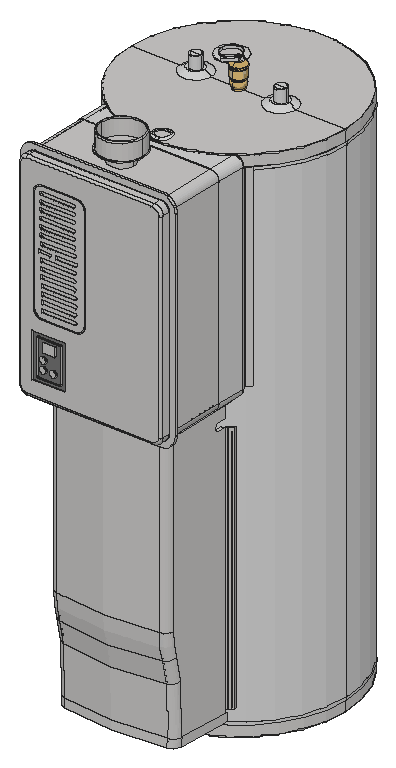
Revit family "Water_Heater-Rinnai-Hybrid_Tank-Tankless-RH180", category Mechanical Equipment, Revit 2012
Parameters (values of type "Standard")
  ecoScorecard_data = "http://products.ecoscorecard.com/rinnai/REU-VA1320WF-US"
  ecoScorecard Product Page = "http://products.ecoscorecard.com/rinnai/REU-VA1320WF-US?action=html"
  Width = 20"
  Wattage = 64 W
  Warranty URL = "http://www.rinnai.us/documentation/downloads/RH180_SP.pdf"
  Warranty = ""
  Voltage = 120 V
  Venting = "4\" UL listing type B-vent"
  Vent Connector = "Vent Connection"  # constant formula
  Unit Top = Metal - Rinnai - Stainless Steel
  Unit = Metal - Rinnai - Aluminum Frame - Painted White
  URL = "http://www.rinnai.us/tankless-water-heater"
  Thermal Efficiency Rating = 0.96
  Subcategory = "Tankless Water Heaters"  # constant formula
  Storage Tank Volume Note = "100-300 gal"
  Storage Tank Volume = 100 GPM
  Spec Sheet URL = "http://www.rinnai.us/documentation/downloads/RH180_SP.pdf"
  Recovery for 100 Deg Rise = "528-668 gal/h"
  Product Page URL = "http://www.rinnai.us/hybrid-tank-tankless-water-heater/product/rh180"
  Owners Manual URL = ""
  Model = "REU-VA1320WF-US"
  Max Amperage = 8 A
  Manufacturer Phone - Toll Free = "800-621-9419"  # constant formula
  Manufacturer Phone = "800-621-9419"  # constant formula
  Manufacturer Fax = "678-829-1666"  # constant formula
  Manufacturer Email = "mailto:engineering@rinnai.us"
  Manufacturer Address = "103 International Drive, Peachtree City, GA 30269"  # constant formula
  Manufacturer = "Rinnai America Corporation"  # constant formula
  Installation URL = "https://www.rinnai.us/documentation/downloads/100000364.pdf"
  Installation Location = "Indoor and outdoor"  # constant formula
  Hot Water Outlet Radius = 3/4"
  Hot Water Connector = "Hot Water Connection"  # constant formula
  Height = 51.2"
  Gas Input Rate = 91.3 Btu/h
  Gas Input Range = "59,500-91,300 BTU/h (NG); 47,600-87,300 BTU/h (Propane)"
  Frequency = 60 Hz
  Exhaust Vent Length Note = "100 ft"  # constant formula
  Electrical Consumption Range = "Normal: 64 w, Standby: 2 w"  # constant formula
  Dry Weight = 414.00 lbf
  Description = "Hybrid Tank-Tankless Water Heater"  # constant formula
  Depth = 27 1/2"
  Condensate Drain Outlet = "Condensate Drain Outlet Connection"  # constant formula
  Combustion Air = "Indoor"  # constant formula
  Cold Water Outlet Radius = 3/4"
  Cold Water Connector = "Cold Water Connection"  # constant formula
  Assembly Code = "D3010500"
  Applicable Altitude Range = "0 - 5400 ft (0 - 1646 m)"
  95 CSI = "15480"  # constant formula
  04 CSI = "22 34 13"  # constant formula
Reference planes
  plane 1 "Center (Front/Back)": y = 0
  plane 2: z = 0
  plane 3 "Center (Left/Right)": x = 0
  plane 4: z = 1300.48
  plane 5: x = -254
  plane 6: x = 254
  plane 7: y = 349.25
  plane 8: y = -349.25
  plane 9: y = 95.512
Dimensions and locks
  "Height": plane 4 to plane 2
  equal spacing: plane 5, plane 3 "Center (Left/Right)", plane 6
  equal spacing: plane 7, plane 1 "Center (Front/Back)", plane 8
  "Depth": plane 7 to plane 8
  "Width": plane 5 to plane 6
  radius of nested 1 = 1.95831"
  aligned and locked: plane 2 to level
  aligned and locked: plane 3 "Center (Left/Right)" to nested 1
  aligned and locked: plane 1 "Center (Front/Back)" to nested 1
Nested families
  nested 1: "RH180" at (0, 0, 0), type "RH180"
Connectors
  piping at (-100.467, 95.25, 1272.726), driven by "Storage Tank Volume", driven by "Hot Water Outlet Radius", driven by "Hot Water Connector"
    settings: on nested 1, index 1, connector radius 3/4", flow factor 0, pipe flow 100 GPM, pressure drop 0.00 psi, fitting loss kfactor 0, connector angle 0.00°, fixture units 0, engagement length 0", flow configuration 0, flow direction 1, fitting loss method 0, system type 19, joint type 0, gender type 0, connector reference index -1, connector utility 0, adjustable connector no, is connector primary yes, fitting loss table "", connector description "Hot Water Connection"
  piping at (100.467, 95.25, 1272.726), driven by "Cold Water Outlet Radius"
    settings: on nested 1, index 2, connector radius 3/4", flow factor 0, pipe flow 0 GPM, pressure drop 0.00 psi, fitting loss kfactor 0, connector angle 0.00°, fixture units 0, engagement length 0", flow configuration 0, flow direction 1, fitting loss method 0, system type 20, joint type 0, gender type 0, connector reference index -1, connector utility 0, adjustable connector no, is connector primary no, fitting loss table "", connector description ""
  piping at (1.233, -251.699, 1299.521), driven by "Vent Connector"
    settings: on nested 1, index 3, connector radius 1 245/256", flow factor 0, pipe flow 0 GPM, pressure drop 0.00 psi, fitting loss kfactor 0, connector angle 0.00°, fixture units 0, engagement length 0", flow configuration 0, flow direction 2, fitting loss method 0, system type 17, joint type 0, gender type 0, connector reference index -1, connector utility 0, adjustable connector no, is connector primary no, fitting loss table "", connector description "Vent Connection"
  piping at (-217.865, -85.507, 42.942), driven by "Condensate Drain Outlet"
    settings: on nested 1, index 4, connector radius 1/2", flow factor 0, pipe flow 0 GPM, pressure drop 0.00 psi, fitting loss kfactor 0, connector angle 0.00°, fixture units 0, engagement length 0", flow configuration 0, flow direction 0, fitting loss method 0, system type 16, joint type 0, gender type 0, connector reference index -1, connector utility 0, adjustable connector no, is connector primary no, fitting loss table "", connector description "Condensate Drain Outlet Connection"
Definition of nested family "RH180"
  Parameters (values of type "Standard")
    Width = 20"
    Unit Top = Metal - Rinnai - Stainless Steel
    Unit = Metal - Rinnai - Aluminum Frame - Painted White
    Height = 51.2"
    Depth = 27 1/2"
  Reference planes
    plane 1 "Center (Front/Back)": y = 0
    plane 2: z = 0
    plane 3 "Center (Left/Right)": x = 0
    plane 4: z = 1300.48
    plane 5: x = -254
    plane 6: x = 254
    plane 7: y = 349.25
    plane 8: y = -349.25
    plane 9: z = 27.976
    plane 10: y = 95.512
  Forms (mm)
    Sweep 1, solid, material "Metal - Rinnai - Aluminum Frame - Painted White" <- "Unit", detail levels medium+fine
      path origin (0, 0, 0) x (1, 0, 0) y (0, 1, 0)
        loop
          circle (1.329, 95.614) r 255.329
      profile origin (1.329, 350.943, 0) x (0, -1, 0) y (0, 0, 1)
        loop
          line (1.495, 1202.242) -> (1.495, 34.327)
          arc (1.495, 34.327) -> (1.593, 30.601) -> (1.885, 26.885) r 71.199
          line (1.885, 26.885) -> (7.009, 26.885) -> (7.009, 1208.088) -> (1.693, 1208.088)
          arc (1.693, 1208.088) -> (1.577, 1205.166) -> (1.495, 1202.242) r 243.982
    Revolve 2, solid, material "Metal - Rinnai - Stainless Steel" <- "Unit Top", detail levels medium+fine
      sketch origin (0, 95.448, 0) x (1, 0, 0) y (0, 0, 1)
        loop
          line (-253.476, 1233.801) -> (-253.476, 1209.173) -> (-251.185, 1209.173) -> (-251.185, 1208.088) -> (0, 1208.088) -> (0, 1234.573) -> (-252.704, 1234.573)
          arc (-252.704, 1234.573) -> (-253.25, 1234.347) -> (-253.476, 1233.801) r 0.772
        axis (0, 1234.573) -> (0, 1208.088)
      angle from 0 to 360
    Revolve 3, solid, material "Metal - Rinnai - Stainless Steel" <- "Unit Top", detail levels medium+fine
      sketch origin (0, 95.448, 1236.259) x (1, 0, 0) y (0, 0, 1)
        loop
          arc (-253.476, -1233.801) -> (-253.25, -1234.347) -> (-252.704, -1234.573) r 0.772
          line (-252.704, -1234.573) -> (0, -1234.573) -> (0, -1208.088) -> (-251.185, -1208.088) -> (-251.185, -1209.173) -> (-253.476, -1209.173) -> (-253.476, -1233.801)
        axis (0, -1234.573) -> (0, -1208.088)
      angle from 0 to 360
    Sweep 4, solid, material "Metal - Rinnai - Stainless Steel" <- "Unit Top", detail levels fine
      path origin (0, 0, 0) x (1, 0, 0) y (0, 1, 0)
        loop
          circle (1.233, -251.699) r 54.057
      profile origin (1.233, -197.643, 0) x (0, -1, 0) y (0, 0, 1)
        loop
          line (25.057, 1232.021) -> (25.95, 1232.021) -> (25.95, 1258.925) -> (5.208, 1258.925) -> (5.208, 1296.372) -> (6.293, 1299.521) -> (5.349, 1299.521) -> (4.316, 1296.521) -> (4.316, 1259.503) -> (1.206, 1259.503) -> (1.206, 1258.032) -> (25.057, 1258.032) -> (25.057, 1232.021)
    Revolve 5, solid, material "Metal - Rinnai - Aluminum Frame - Painted White" <- "Unit", detail levels fine
      sketch origin (0, 95.25, 0) x (1, 0, 0) y (0, 0, 1)
        loop
          line (-112.817, 1272.726) -> (-113.611, 1271.932) -> (-113.611, 1243.465) -> (-120.311, 1243.465) -> (-136.423, 1235.527) -> (-100.467, 1235.527) -> (-100.467, 1272.726) -> (-112.817, 1272.726)
        axis (-100.467, 1272.726) -> (-100.467, 1235.527)
      angle from 0 to 360
    Revolve 6, solid, material "Metal - Rinnai - Aluminum Frame - Painted White" <- "Unit", detail levels fine
      sketch origin (0, 95.25, 0) x (-1, 0, 0) y (0, 0, -1)
        loop
          line (-112.817, -1272.726) -> (-100.467, -1272.726) -> (-100.467, -1235.527) -> (-136.423, -1235.527) -> (-120.311, -1243.465) -> (-113.611, -1243.465) -> (-113.611, -1271.932) -> (-112.817, -1272.726)
        axis (-100.467, -1272.726) -> (-100.467, -1235.527)
      angle from 0 to 360
    Revolve 7, solid, material "Metal - Rinnai - Aluminum Frame - Painted White" <- "Unit", detail levels fine
      sketch origin (-0.018, 185.912, -0.005) x (1, 0, 0) y (0, 0, 1)
        loop
          line (-112.8, 1239.653) -> (-123.467, 1235.919) -> (-123.467, 1234.573) -> (-111.702, 1234.573) -> (-111.702, 1239.653) -> (-112.8, 1239.653)
        axis (-88.67, 1234.573) -> (-88.67, 1239.653)
      angle from 0 to 360
    Revolve 8, solid, material "Metal - Rinnai - Brass", detail levels fine
      sketch origin (0, 0, 0) x (0, 1, 0) y (0, 0, 1)
        loop
          line (103.179, 1292.791) -> (98.451, 1292.791)
          arc (98.451, 1292.791) -> (100.356, 1296.85) -> (98.451, 1300.909) r 5.277
          arc (98.451, 1300.909) -> (97.167, 1302.357) -> (96.377, 1304.125) r 6.378
          line (96.377, 1304.125) -> (95.432, 1304.125) -> (95.432, 1234.634) -> (108.682, 1234.634) -> (108.682, 1238.309)
          arc (108.682, 1238.309) -> (111.784, 1245.566) -> (108.535, 1252.758) r 9.806
          line (108.535, 1252.758) -> (108.535, 1253.872) -> (110.6, 1255.447) -> (112.174, 1257.022) -> (111.109, 1259.949) -> (112.719, 1260.535) -> (113.041, 1278.982)
          arc (113.041, 1278.982) -> (113.394, 1279.911) -> (114.022, 1280.682) r 3.123
          line (114.022, 1280.682) -> (114.022, 1283.06) -> (113.135, 1284.597) -> (106.284, 1284.597) -> (105.853, 1285.78) -> (112.974, 1285.78)
          arc (112.974, 1285.78) -> (107.393, 1289.518) -> (101.153, 1292.003) r 31.89
          line (101.153, 1292.003) -> (103.179, 1292.003) -> (103.179, 1292.791)
        axis (95.432, 1304.125) -> (95.432, 1234.634)
      angle from 0 to 360
    Sweep 9, solid, material "Metal - Rinnai - Aluminum Frame - Painted White" <- "Unit", detail levels fine
      path origin (-829.704, -871.331, 0) x (0.706678, 0.707536, 0) y (-0.707536, 0.706678, 0)
        loop
          line (1278.018, 92.368) -> (1278.018, 91.572)
      profile origin (8.371, 97.906, 0) x (0.706678, 0.707536, 0) y (0, 0, 1)
        loop
          arc (-40.212, 1296.173) -> (-39.289, 1293.944) -> (-37.06, 1293.02) r 3.153
          line (-37.06, 1293.02) -> (0.002, 1293.02)
          arc (0.002, 1293.02) -> (2.622, 1296.818) -> (0.546, 1300.939) r 4.523
          line (0.546, 1300.939) -> (-13.906, 1300.939)
          arc (-13.906, 1300.939) -> (-14.465, 1301.032) -> (-14.814, 1301.479) r 0.782
          line (-14.814, 1301.479) -> (-40.212, 1301.479) -> (-40.212, 1296.173)
    Sweep 10, solid, material "Metal - Rinnai - Aluminum Frame - Painted White" <- "Unit", detail levels fine
      path origin (-964.86, -736.338, 0) x (0.706678, 0.707536, 0) y (0.707536, -0.706678, 0)
        loop
          line (1278.018, 92.368) -> (1278.018, 91.572)
      profile origin (3.359, 102.912, 0) x (-0.706678, -0.707536, 0) y (0, 0, 1)
        loop
          line (40.212, 1296.173) -> (40.212, 1301.479) -> (14.814, 1301.479)
          arc (14.814, 1301.479) -> (14.465, 1301.032) -> (13.906, 1300.939) r 0.782
          line (13.906, 1300.939) -> (-0.546, 1300.939)
          arc (-0.546, 1300.939) -> (-2.622, 1296.818) -> (-0.002, 1293.02) r 4.523
          line (-0.002, 1293.02) -> (37.06, 1293.02)
          arc (37.06, 1293.02) -> (39.289, 1293.944) -> (40.212, 1296.173) r 3.153
    Sweep 11, solid, material "Metal - Rinnai - Aluminum Frame - Painted White" <- "Unit", detail levels fine
      path origin (-829.704, -871.331, 0) x (0.706678, 0.707536, 0) y (-0.707536, 0.706678, 0)
        loop
          line (1263.196, 95.512) -> (1237.796, 95.512)
      profile origin (-13.585, 80.936, 0) x (0.707536, -0.706678, 0) y (0, 0, 1)
        loop
          line (3.144, 1302.164) -> (3.144, 1300.819) -> (3.94, 1300.819) -> (3.94, 1301.849)
          arc (3.94, 1301.849) -> (3.735, 1302.341) -> (3.243, 1302.545) r 0.697
          line (3.243, 1302.545) -> (-3.243, 1302.545)
          arc (-3.243, 1302.545) -> (-3.735, 1302.341) -> (-3.94, 1301.849) r 0.697
          line (-3.94, 1301.849) -> (-3.94, 1300.819) -> (-3.144, 1300.819) -> (-3.144, 1302.164) -> (3.144, 1302.164)
    Revolve 12, solid, material "Metal - Rinnai - Aluminum - Polished Sliver", detail levels fine
      sketch origin (0, 0, 1296.988) x (1, 0, 0) y (0, 1, 0)
        loop
          line (5.174, 91.471) -> (5.982, 92.279) -> (-2.1, 100.361) -> (-2.908, 99.553) -> (5.174, 91.471)
        axis (-2.908, 99.553) -> (5.174, 91.471)
      angle from 0 to 360
    Sweep 13, solid, material "Metal - Rinnai - Stainless Steel" <- "Unit Top", detail levels medium+fine
      path origin (0, 0, 0) x (0, 1, 0) y (0, 0, 1)
        loop
          line (-303.839, 715.236) -> (-303.839, 293.427)
          arc (-303.839, 293.427) -> (-301.323, 259.587) -> (-293.829, 226.491) r 228.81
          arc (-293.829, 226.491) -> (-287.46, 201.425) -> (-283.524, 175.863) r 269.256
          arc (-283.524, 175.863) -> (-279.71, 118.511) -> (-280.295, 61.036) r 750.67
      profile origin (0, -303.839, 504.332) x (1, 0, 0) y (0, 1, 0)
        loop
          arc (-118.566, 11.499) -> (2.281, -0.71) -> (123.079, 11.966) r 592.835
          arc (123.079, 11.966) -> (135.529, 19.547) -> (140.451, 33.268) r 21.87
          line (140.451, 33.268) -> (132.659, 33.268)
          arc (132.659, 33.268) -> (130.966, 23.912) -> (123.187, 18.447) r 12.513
          arc (123.187, 18.447) -> (3.087, 5.018) -> (-117.014, 18.447) r 543.751
          arc (-117.014, 18.447) -> (-127.494, 22.788) -> (-131.834, 33.268) r 14.821
          line (-131.834, 33.268) -> (-138.184, 33.268)
          arc (-138.184, 33.268) -> (-131.946, 19.165) -> (-118.566, 11.499) r 24.735
    Extrusion 14, solid, material "Metal - Rinnai - Stainless Steel" <- "Unit Top", detail levels medium+fine
      sketch origin (0, 0, 0) x (0, 1, 0) y (0, 0, 1)
        loop
          line (-121.369, 53.327) -> (-121.369, 658.721) -> (-140.471, 658.721)
          arc (-140.471, 658.721) -> (-149.996, 668.246) -> (-140.471, 677.771) r 9.525
          line (-140.471, 677.771) -> (-121.369, 677.771) -> (-121.369, 715.236) -> (-270.571, 715.236) -> (-270.571, 293.427)
          arc (-270.571, 293.427) -> (-268.421, 264.507) -> (-262.016, 236.223) r 195.542
          arc (-262.016, 236.223) -> (-254.86, 208.06) -> (-250.439, 179.34) r 302.524
          arc (-250.439, 179.34) -> (-246.455, 119.447) -> (-247.066, 59.424) r 783.938
          line (-247.066, 59.424) -> (-121.369, 53.327)
      from -138.184 to -131.834
    Extrusion 15, solid, material "Metal - Rinnai - Stainless Steel" <- "Unit Top", detail levels medium+fine
      sketch origin (2.266, 0, 0) x (0, 1, 0) y (0, 0, -1)
        loop
          arc (-247.066, -59.424) -> (-246.455, -119.447) -> (-250.439, -179.34) r 783.938
          arc (-250.439, -179.34) -> (-254.86, -208.06) -> (-262.016, -236.223) r 302.524
          arc (-262.016, -236.223) -> (-268.421, -264.507) -> (-270.571, -293.427) r 195.542
          line (-270.571, -293.427) -> (-270.571, -715.236) -> (-121.369, -715.236) -> (-121.369, -677.771) -> (-140.471, -677.771)
          arc (-140.471, -677.771) -> (-149.996, -668.246) -> (-140.471, -658.721) r 9.525
          line (-140.471, -658.721) -> (-121.369, -658.721) -> (-121.369, -53.327) -> (-247.066, -59.424)
      from -138.184 to -130.393
    Sweep 16, solid, material "Metal - Rinnai - Aluminum Frame - Painted White" <- "Unit", detail levels medium+fine
      path origin (0, 0, 0) x (1, 0, 0) y (0, 1, 0)
        loop
          line (-138.184, -121.369) -> (-138.184, -270.571)
          arc (-138.184, -270.571) -> (-131.946, -284.674) -> (-118.566, -292.34) r 24.735
          arc (-118.566, -292.34) -> (2.281, -304.549) -> (123.079, -291.872) r 592.835
          arc (123.079, -291.872) -> (135.529, -284.292) -> (140.451, -270.571) r 21.87
          line (140.451, -270.571) -> (140.451, -121.369)
      profile origin (-138.184, -195.97, 0) x (1, 0, 0) y (0, 0, 1)
        loop
          line (-15.302, 719.046) -> (-3.809, 719.046)
          arc (-3.809, 719.046) -> (-1.116, 717.93) -> (0, 715.237) r 3.809
          line (0, 715.237) -> (3.415, 715.237) -> (3.415, 718.271)
          arc (3.415, 718.271) -> (2.258, 721.064) -> (-0.535, 722.221) r 3.95
          line (-0.535, 722.221) -> (-15.302, 722.221) -> (-15.302, 719.046)
    Extrusion 17, solid, material "Metal - Rinnai - Stainless Steel" <- "Unit Top", detail levels medium+fine
      sketch origin (0, -280.295, 61.036) x (1, 0, 0) y (0, -0.998826, 0.048451)
        loop
          line (-138.194, -33.262) -> (-138.194, -165.787)
          spline (-138.194, -165.787) -> (-117.045, -153.284) -> (-94.784, -142.885) -> (-71.619, -134.688) -> (-47.769, -128.771) -> (-23.456, -125.189) -> (1.089, -123.976) -> (25.637, -125.142) -> (49.956, -128.678) -> (73.818, -134.551) -> (96.998, -142.703) -> (119.279, -153.06) -> (140.451, -165.524)
          line (140.451, -165.524) -> (140.451, -33.369)
          arc (140.451, -33.369) -> (135.561, -19.586) -> (123.079, -11.966) r 21.871
          arc (123.079, -11.966) -> (2.292, 0.599) -> (-118.517, -11.479) r 598.69
          arc (-118.517, -11.479) -> (-131.934, -19.138) -> (-138.194, -33.262) r 24.744
      from 0 to 20.115
    Extrusion 18, solid, material "Metal - Rinnai - Stainless Steel" <- "Unit Top", detail levels medium+fine
      sketch origin (4.564, 0, 0) x (1, 0, 0) y (0, 1, 0)
        loop
          arc (-142.581, -119.511) -> (-141.589, -120.279) -> (-140.969, -121.369) r 3.204
          line (-140.969, -121.369) -> (-136.476, -121.369) -> (-138.715, -117.715) -> (-140.14, -116.635)
          arc (-140.14, -116.635) -> (-146.875, -113.247) -> (-153.506, -109.659) r 253.476
          line (-153.506, -109.659) -> (-155.266, -113.195) -> (-142.581, -119.511)
      from 64.872 to 658.721
    Extrusion 19, solid, material "Metal - Rinnai - Stainless Steel" <- "Unit Top", detail levels medium+fine
      sketch origin (3.175, 0, 0) x (-1, 0, 0) y (0, -1, 0)
        loop
          line (-142.285, 118.726) -> (-154.033, 110.802) -> (-151.824, 107.529)
          arc (-151.824, 107.529) -> (-145.721, 111.954) -> (-139.488, 116.196) r 253.476
          line (-139.488, 116.196) -> (-138.217, 117.453) -> (-136.476, 121.369) -> (-140.611, 121.369) -> (-141.119, 120.149)
          arc (-141.119, 120.149) -> (-141.598, 119.353) -> (-142.285, 118.726) r 3.204
      from 64.872 to 658.721
    Extrusion 20, solid, material "Metal - Rinnai - Stainless Steel" <- "Unit Top", detail levels medium+fine
      sketch origin (-4.564, 0, 0) x (-1, 0, 0) y (0, -1, 0)
        loop
          line (-142.581, 119.511) -> (-155.266, 113.195) -> (-153.506, 109.659)
          arc (-153.506, 109.659) -> (-146.875, 113.247) -> (-140.14, 116.635) r 253.476
          line (-140.14, 116.635) -> (-138.715, 117.715) -> (-136.476, 121.369) -> (-140.969, 121.369)
          arc (-140.969, 121.369) -> (-141.589, 120.279) -> (-142.581, 119.511) r 3.204
      from 64.872 to 655.166
    Revolve 21, solid, material "Metal - Rinnai - Aluminum Frame - Painted White" <- "Unit", detail levels fine
      sketch origin (-662.347, 783.727, 61.119) x (0.76142, 0.648259, 0) y (-0.648259, 0.76142, 0)
        loop
          line (-191.95, -912.338) -> (-203.166, -929.61) -> (-203.166, -937.853) -> (-208.693, -937.853) -> (-208.693, -949.998) -> (-195.122, -949.998)
          arc (-195.122, -949.998) -> (-194.418, -931.094) -> (-191.95, -912.338) r 202.049
        axis (-208.693, -949.998) -> (-191.95, -949.998)
      angle from 0 to 360
    Revolve 22, solid, material "Metal - Rinnai - Brass", detail levels fine
      sketch origin (650.941, 654.178, 0) x (0.76142, 0.648259, 0) y (0, 0, 1)
        loop
          line (-1142.709, 87.254) -> (-1146.076, 83.886) -> (-1122.144, 59.954) -> (-1122.144, 74.547) -> (-1123.513, 75.916) -> (-1122.014, 77.416) -> (-1126.814, 82.216) -> (-1132.382, 79.62) -> (-1133.729, 78.273) -> (-1142.709, 87.254)
        axis (-1146.076, 83.886) -> (-1122.144, 59.954)
      angle from 0 to 360
    Revolve 23, solid, material "Metal - Rinnai - Brass", detail levels fine
      sketch origin (650.941, 654.178, 0) x (0.76142, 0.648259, 0) y (0, 0, 1)
        loop
          line (-1151.092, 51.686) -> (-1141.033, 42.942) -> (-1118.526, 68.834) -> (-1127.838, 68.834) -> (-1140.217, 54.594)
          arc (-1140.217, 54.594) -> (-1141.961, 54.131) -> (-1143.706, 54.594) r 3.514
          line (-1143.706, 54.594) -> (-1145.945, 56.833) -> (-1151.092, 51.686)
        axis (-1141.033, 42.942) -> (-1118.526, 68.834)
      angle from 0 to 360
    Revolve 24, solid, material "Metal - Rinnai - Aluminum Frame - Painted White" <- "Unit", detail levels fine
      sketch origin (0, 0, 0) x (0, 1, 0) y (0, 0, 1)
        loop
          line (-147.155, 1236.977) -> (-151.676, 1234.573) -> (-145.877, 1234.573) -> (-145.877, 1235.699)
          arc (-145.877, 1235.699) -> (-146.251, 1236.603) -> (-147.155, 1236.977) r 1.278
        axis (-129.913, 1234.573) -> (-129.913, 1236.977)
      angle from 0 to 360
    Revolve 25, solid, material "Metal - Rinnai - Stainless Steel" <- "Unit Top", detail levels fine
      sketch origin (0, 44.45, 0) x (1, 0, 0) y (0, 0, 1)
        loop
          line (-207.361, 0) -> (-188.932, 0) -> (-188.932, 1.833) -> (-210.184, 1.833) -> (-207.361, 0)
        axis (-188.932, 1.833) -> (-188.932, 0)
      angle from 0 to 360
    Revolve 26, solid, material "Metal - Rinnai - Stainless Steel" <- "Unit Top", detail levels fine
      sketch origin (188.932, -4.607, 0) x (1, 0, 0) y (0, 0, 1)
        loop
          line (-207.361, 0) -> (-188.932, 0) -> (-188.932, 1.833) -> (-210.184, 1.833) -> (-207.361, 0)
        axis (-188.932, 1.833) -> (-188.932, 0)
      angle from 0 to 360
    Revolve 27, solid, material "Metal - Rinnai - Stainless Steel" <- "Unit Top", detail levels fine
      sketch origin (188.932, 195.77, 0) x (1, 0, 0) y (0, 0, 1)
        loop
          line (-207.361, 0) -> (-188.932, 0) -> (-188.932, 1.833) -> (-210.184, 1.833) -> (-207.361, 0)
        axis (-188.932, 1.833) -> (-188.932, 0)
      angle from 0 to 360
    Revolve 28, solid, material "Metal - Rinnai - Stainless Steel" <- "Unit Top", detail levels fine
      sketch origin (329.555, -43.724, 0) x (1, 0, 0) y (0, 0, 1)
        loop
          line (-207.361, 0) -> (-188.932, 0) -> (-188.932, 1.833) -> (-210.184, 1.833) -> (-207.361, 0)
        axis (-188.932, 1.833) -> (-188.932, 0)
      angle from 0 to 360
    Extrusion 29, solid, material "Metal - Rinnai - Stainless Steel" <- "Unit Top", detail levels fine
      sketch origin (-188.932, 44.45, 0) x (0, 1, 0) y (1, 0, 0)
        loop
          circle (50.841, 87.967) r 19.874
        loop
          circle (50.841, 189.567) r 19.874
        loop
          circle (50.841, 291.749) r 19.874
      from -1.686 to -1.492
    Sweep 30, solid, material "Metal - Rinnai - Stainless Steel" <- "Unit Top", detail levels medium+fine
      path origin (0, 0, 0) x (1, 0, 0) y (0, 0, 1)
        loop
          arc (-147.821, 1233.621) -> (-162.834, 1227.402) -> (-169.053, 1212.388) r 21.233
          line (-169.053, 1212.388) -> (-169.053, 742.854)
          arc (-169.053, 742.854) -> (-162.834, 727.84) -> (-147.821, 721.621) r 21.233
          line (-147.821, 721.621) -> (149.505, 721.621)
          arc (149.505, 721.621) -> (164.519, 727.84) -> (170.738, 742.854) r 21.233
          line (170.738, 742.854) -> (170.738, 1212.391)
          arc (170.738, 1212.391) -> (164.52, 1227.403) -> (149.508, 1233.621) r 21.23
          line (149.508, 1233.621) -> (-147.821, 1233.621)
      profile origin (0.844, 0, 1233.621) x (0, 0, 1) y (0, -1, 0)
        loop
          line (-5.4, 174.047) -> (-1.6, 174.047) -> (-1.6, 315.647) -> (1.787, 315.647) -> (13, 315.647) -> (13, 320.647) -> (-1.503, 320.647)
          arc (-1.503, 320.647) -> (-2.266, 321.543) -> (-2.674, 322.647) r 3.36
          line (-2.674, 322.647) -> (-5.4, 322.647) -> (-5.4, 174.047)
    Sweep 31, solid, material "Metal - Rinnai - Stainless Steel" <- "Unit Top", detail levels medium+fine
      path origin (0, 0, 0) x (1, 0, 0) y (0, 0, 1)
        loop
          arc (-147.821, 1233.621) -> (-162.834, 1227.402) -> (-169.053, 1212.388) r 21.233
          line (-169.053, 1212.388) -> (-169.053, 742.854)
          arc (-169.053, 742.854) -> (-162.834, 727.84) -> (-147.821, 721.621) r 21.233
          line (-147.821, 721.621) -> (149.505, 721.621)
          arc (149.505, 721.621) -> (164.519, 727.84) -> (170.738, 742.854) r 21.233
          line (170.738, 742.854) -> (170.738, 1212.391)
          arc (170.738, 1212.391) -> (164.52, 1227.403) -> (149.508, 1233.621) r 21.23
          line (149.508, 1233.621) -> (-147.821, 1233.621)
      profile origin (0.844, 0, 1233.621) x (0, 0, 1) y (0, -1, 0)
        loop
          line (-2.032, 322.647) -> (-2.032, 339.452)
          arc (-2.032, 339.452) -> (-3.486, 342.961) -> (-6.994, 344.414) r 4.962
          line (-6.994, 344.414) -> (-8.869, 344.414) -> (-8.869, 322.647) -> (-2.032, 322.647)
    Extrusion 32, solid, material "Metal - Rinnai - Stainless Steel" <- "Unit Top", detail levels medium+fine
      sketch origin (0, 0, 0) x (1, 0, 0) y (0, 0, 1)
        loop
          arc (-147.821, 1224.752) -> (-156.563, 1221.131) -> (-160.184, 1212.388) r 12.364
          line (-160.184, 1212.388) -> (-160.184, 742.854)
          arc (-160.184, 742.854) -> (-156.563, 734.111) -> (-147.821, 730.49) r 12.364
          line (-147.821, 730.49) -> (149.505, 730.49)
          arc (149.505, 730.49) -> (158.248, 734.111) -> (161.869, 742.854) r 12.364
          line (161.869, 742.854) -> (161.869, 1212.391)
          arc (161.869, 1212.391) -> (158.249, 1221.132) -> (149.508, 1224.752) r 12.361
          line (149.508, 1224.752) -> (-147.821, 1224.752)
      from 174.047 to 344.414
    Extrusion 33, solid, material "Metal - Rinnai - Stainless Steel" <- "Unit Top", detail levels fine
      sketch origin (0, 0, 0) x (1, 0, 0) y (0, 0, 1)
        loop
          arc (-122.528, 857.221) -> (-124.606, 856.36) -> (-125.467, 854.282) r 2.939
          line (-125.467, 854.282) -> (-125.467, 773.395)
          arc (-125.467, 773.395) -> (-124.479, 771.009) -> (-122.093, 770.021) r 3.373
          line (-122.093, 770.021) -> (-71.64, 770.021)
          arc (-71.64, 770.021) -> (-69.255, 771.009) -> (-68.267, 773.395) r 3.373
          line (-68.267, 773.395) -> (-68.267, 853.843)
          arc (-68.267, 853.843) -> (-69.256, 856.232) -> (-71.645, 857.221) r 3.379
          line (-71.645, 857.221) -> (-122.528, 857.221)
        loop
          arc (-108.709, 848.112) -> (-109.632, 847.73) -> (-110.015, 846.806) r 1.306
          line (-110.015, 846.806) -> (-110.015, 827.754)
          arc (-110.015, 827.754) -> (-109.654, 826.883) -> (-108.783, 826.522) r 1.232
          line (-108.783, 826.522) -> (-83.265, 826.522)
          arc (-83.265, 826.522) -> (-82.424, 826.871) -> (-82.075, 827.713) r 1.191
          line (-82.075, 827.713) -> (-82.075, 846.794)
          arc (-82.075, 846.794) -> (-82.461, 847.726) -> (-83.393, 848.112) r 1.318
          line (-83.393, 848.112) -> (-108.709, 848.112)
        loop
          circle (-110.667, 810.381) r 7.112
        loop
          circle (-110.667, 789.267) r 7.112
        loop
          circle (-86.887, 789.267) r 7.112
        loop
          line (-124.574, 854.282) -> (-124.574, 773.395)
          arc (-124.574, 773.395) -> (-123.847, 771.641) -> (-122.093, 770.914) r 2.48
          line (-122.093, 770.914) -> (-71.64, 770.914)
          arc (-71.64, 770.914) -> (-69.886, 771.641) -> (-69.16, 773.395) r 2.48
          line (-69.16, 773.395) -> (-69.16, 853.843)
          arc (-69.16, 853.843) -> (-69.888, 855.6) -> (-71.645, 856.328) r 2.486
          line (-71.645, 856.328) -> (-122.528, 856.328)
          arc (-122.528, 856.328) -> (-123.975, 855.729) -> (-124.574, 854.282) r 2.046
      from 341.353 to 344.274
    Extrusion 34, void
      sketch origin (0, 0, 0) x (1, 0, 0) y (0, 0, 1)
        loop
          line (-56.697, 866.208) -> (-136.409, 866.208) -> (-136.409, 760.982) -> (-56.697, 760.982) -> (-56.697, 866.208)
      from 338.813 to 346.352
    Extrusion 35, solid, material "Metal - Rinnai - Stainless Steel" <- "Unit Top", detail levels medium+fine
      sketch origin (0, 0, 0) x (1, 0, 0) y (0, 0, 1)
        loop
          line (-136.409, 866.208) -> (-136.409, 760.982) -> (-56.697, 760.982) -> (-56.697, 866.208) -> (-136.409, 866.208)
      from 341.353 to 338.813
    Sweep 36, solid, material "Metal - Rinnai - Stainless Steel" <- "Unit Top", detail levels medium+fine
      path origin (0, 2.956, 0) x (1, 0, 0) y (0, 0, 1)
        loop
          line (-32.099, 1181.221) -> (-111.611, 1181.221)
          arc (-111.611, 1181.221) -> (-126.712, 1174.966) -> (-132.967, 1159.866) r 21.356
          line (-132.967, 1159.866) -> (-132.967, 917.353)
          arc (-132.967, 917.353) -> (-126.719, 902.269) -> (-111.635, 896.021) r 21.332
          line (-111.635, 896.021) -> (-32.099, 896.021)
          arc (-32.099, 896.021) -> (-17.015, 902.269) -> (-10.767, 917.353) r 21.332
          line (-10.767, 917.353) -> (-10.767, 1159.889)
          arc (-10.767, 1159.889) -> (-17.015, 1174.973) -> (-32.099, 1181.221) r 21.332
      profile origin (-71.855, 2.956, 1181.221) x (0, 0, -1) y (0, -1, 0)
        loop
          line (0, 344.416) -> (1.419, 344.416) -> (1.419, 347.372) -> (0.579, 347.372)
          arc (0.579, 347.372) -> (0.17, 347.202) -> (0, 346.793) r 0.579
          line (0, 346.793) -> (0, 344.416)
    Extrusion 37, solid, material "Metal - Rinnai - Stainless Steel" <- "Unit Top", detail levels medium+fine
      sketch origin (0, 2.956, 0) x (1, 0, 0) y (0, 0, 1)
        loop
          arc (-111.611, 1179.802) -> (-125.708, 1173.963) -> (-131.547, 1159.866) r 19.936
          line (-131.547, 1159.866) -> (-131.547, 917.353)
          arc (-131.547, 917.353) -> (-125.715, 903.273) -> (-111.635, 897.441) r 19.913
          line (-111.635, 897.441) -> (-32.099, 897.441)
          arc (-32.099, 897.441) -> (-18.019, 903.273) -> (-12.186, 917.353) r 19.913
          line (-12.186, 917.353) -> (-12.186, 1159.889)
          arc (-12.186, 1159.889) -> (-18.019, 1173.969) -> (-32.099, 1179.802) r 19.913
          line (-32.099, 1179.802) -> (-111.611, 1179.802)
        loop
          line (-34.098, 921.501) -> (-108.774, 921.501)
          arc (-108.774, 921.501) -> (-114.108, 916.167) -> (-108.774, 910.833) r 5.334
          line (-108.774, 910.833) -> (-34.098, 910.833)
          arc (-34.098, 910.833) -> (-28.764, 916.167) -> (-34.098, 921.501) r 5.334
        loop
          line (-34.098, 939.018) -> (-108.774, 939.018)
          arc (-108.774, 939.018) -> (-114.108, 933.684) -> (-108.774, 928.35) r 5.334
          line (-108.774, 928.35) -> (-34.098, 928.35)
          arc (-34.098, 928.35) -> (-28.764, 933.684) -> (-34.098, 939.018) r 5.334
        loop
          line (-34.098, 956.722) -> (-108.774, 956.722)
          arc (-108.774, 956.722) -> (-114.108, 951.388) -> (-108.774, 946.054) r 5.334
          line (-108.774, 946.054) -> (-34.098, 946.054)
          arc (-34.098, 946.054) -> (-28.764, 951.388) -> (-34.098, 956.722) r 5.334
        loop
          line (-34.098, 974.425) -> (-108.774, 974.425)
          arc (-108.774, 974.425) -> (-114.108, 969.091) -> (-108.774, 963.757) r 5.334
          line (-108.774, 963.757) -> (-34.098, 963.757)
          arc (-34.098, 963.757) -> (-28.764, 969.091) -> (-34.098, 974.425) r 5.334
        loop
          line (-35.647, 992.129) -> (-110.323, 992.129)
          arc (-110.323, 992.129) -> (-115.657, 986.795) -> (-110.323, 981.461) r 5.334
          line (-110.323, 981.461) -> (-35.647, 981.461)
          arc (-35.647, 981.461) -> (-30.313, 986.795) -> (-35.647, 992.129) r 5.334
        loop
          line (-35.647, 1009.239) -> (-110.323, 1009.239)
          arc (-110.323, 1009.239) -> (-115.657, 1003.905) -> (-110.323, 998.571) r 5.334
          line (-110.323, 998.571) -> (-35.647, 998.571)
          arc (-35.647, 998.571) -> (-30.313, 1003.905) -> (-35.647, 1009.239) r 5.334
        loop
          line (-35.647, 1027.537) -> (-110.323, 1027.537)
          arc (-110.323, 1027.537) -> (-115.657, 1022.203) -> (-110.323, 1016.869) r 5.334
          line (-110.323, 1016.869) -> (-35.647, 1016.869)
          arc (-35.647, 1016.869) -> (-30.313, 1022.203) -> (-35.647, 1027.537) r 5.334
        loop
          line (-35.647, 1062.944) -> (-110.323, 1062.944)
          arc (-110.323, 1062.944) -> (-115.657, 1057.61) -> (-110.323, 1052.276) r 5.334
          line (-110.323, 1052.276) -> (-35.647, 1052.276)
          arc (-35.647, 1052.276) -> (-30.313, 1057.61) -> (-35.647, 1062.944) r 5.334
        loop
          line (-37.196, 1080.648) -> (-111.872, 1080.648)
          arc (-111.872, 1080.648) -> (-117.206, 1075.314) -> (-111.872, 1069.98) r 5.334
          line (-111.872, 1069.98) -> (-37.196, 1069.98)
          arc (-37.196, 1069.98) -> (-31.862, 1075.314) -> (-37.196, 1080.648) r 5.334
        loop
          line (-37.196, 1098.352) -> (-111.872, 1098.352)
          arc (-111.872, 1098.352) -> (-117.206, 1093.018) -> (-111.872, 1087.684) r 5.334
          line (-111.872, 1087.684) -> (-37.196, 1087.684)
          arc (-37.196, 1087.684) -> (-31.862, 1093.018) -> (-37.196, 1098.352) r 5.334
        loop
          line (-37.196, 1116.056) -> (-111.872, 1116.056)
          arc (-111.872, 1116.056) -> (-117.206, 1110.722) -> (-111.872, 1105.388) r 5.334
          line (-111.872, 1105.388) -> (-37.196, 1105.388)
          arc (-37.196, 1105.388) -> (-31.862, 1110.722) -> (-37.196, 1116.056) r 5.334
        loop
          line (-37.196, 1134.078) -> (-111.872, 1134.078)
          arc (-111.872, 1134.078) -> (-117.206, 1128.744) -> (-111.872, 1123.41) r 5.334
          line (-111.872, 1123.41) -> (-37.196, 1123.41)
          arc (-37.196, 1123.41) -> (-31.862, 1128.744) -> (-37.196, 1134.078) r 5.334
        loop
          line (-37.196, 1151.016) -> (-111.872, 1151.016)
          arc (-111.872, 1151.016) -> (-117.206, 1145.682) -> (-111.872, 1140.348) r 5.334
          line (-111.872, 1140.348) -> (-37.196, 1140.348)
          arc (-37.196, 1140.348) -> (-31.862, 1145.682) -> (-37.196, 1151.016) r 5.334
        loop
          line (-37.196, 1169.167) -> (-111.872, 1169.167)
          arc (-111.872, 1169.167) -> (-117.206, 1163.833) -> (-111.872, 1158.499) r 5.334
          line (-111.872, 1158.499) -> (-37.196, 1158.499)
          arc (-37.196, 1158.499) -> (-31.862, 1163.833) -> (-37.196, 1169.167) r 5.334
        loop
          arc (-75.691, 1045.264) -> (-81.025, 1039.93) -> (-75.691, 1034.596) r 5.334
          line (-75.691, 1034.596) -> (-32.13, 1034.596)
          arc (-32.13, 1034.596) -> (-26.795, 1039.93) -> (-32.13, 1045.264) r 5.334
          line (-32.13, 1045.264) -> (-75.691, 1045.264)
        loop
          line (-91.884, 1044.121) -> (-116.867, 1044.121)
          arc (-116.867, 1044.121) -> (-121.244, 1039.744) -> (-116.867, 1035.367) r 4.377
          line (-116.867, 1035.367) -> (-93.925, 1035.367)
          arc (-93.925, 1035.367) -> (-88.527, 1038.724) -> (-91.884, 1044.121) r 4.495
      from 344.414 to 347.372
    Extrusion 38, void
      sketch origin (0, 0, 0) x (1, 0, 0) y (0, 0, 1)
        loop
          line (-10.767, 917.353) -> (-10.767, 1159.889)
          arc (-10.767, 1159.889) -> (-17.015, 1174.973) -> (-32.099, 1181.221) r 21.332
          line (-32.099, 1181.221) -> (-111.611, 1181.221)
          arc (-111.611, 1181.221) -> (-126.712, 1174.966) -> (-132.967, 1159.866) r 21.356
          line (-132.967, 1159.866) -> (-132.967, 917.353)
          arc (-132.967, 917.353) -> (-126.719, 902.269) -> (-111.635, 896.021) r 21.332
          line (-111.635, 896.021) -> (-32.099, 896.021)
          arc (-32.099, 896.021) -> (-17.015, 902.269) -> (-10.767, 917.353) r 21.332
      from 341.46 to 349.25
    Sweep 39, solid, material "Metal - Rinnai - Aluminum Frame - Painted White" <- "Unit", detail levels medium+fine
      path origin (0, 0, 0) x (1, 0, 0) y (0, 0, 1)
        loop
          arc (-147.821, 1233.621) -> (-162.834, 1227.402) -> (-169.053, 1212.388) r 21.233
          line (-169.053, 1212.388) -> (-169.053, 742.854)
          arc (-169.053, 742.854) -> (-162.834, 727.84) -> (-147.821, 721.621) r 21.233
          line (-147.821, 721.621) -> (149.505, 721.621)
          arc (149.505, 721.621) -> (164.519, 727.84) -> (170.738, 742.854) r 21.233
          line (170.738, 742.854) -> (170.738, 1212.391)
          arc (170.738, 1212.391) -> (164.52, 1227.403) -> (149.508, 1233.621) r 21.23
          line (149.508, 1233.621) -> (-147.821, 1233.621)
      profile origin (0.844, 0, 1233.621) x (0, 0, 1) y (0, -1, 0)
        loop
          line (-8.972, 99.831) -> (-5.169, 99.831)
          arc (-5.169, 99.831) -> (-1.944, 101.167) -> (-0.608, 104.393) r 4.561
          line (-0.608, 104.393) -> (-0.608, 174.047) -> (-8.972, 174.047) -> (-8.972, 99.831)
    Extrusion 40, solid, material "Metal - Rinnai - Stainless Steel" <- "Unit Top", detail levels medium+fine
      sketch origin (4.564, 0, 0) x (1, 0, 0) y (0, 1, 0)
        loop
          line (-184.716, -87.822) -> (-173.738, -98.423)
          arc (-173.738, -98.423) -> (-173.224, -99.163) -> (-173.033, -100.043) r 2.308
          line (-173.033, -100.043) -> (-172.966, -103.912) -> (-169.155, -103.912) -> (-169.222, -100.059)
          arc (-169.222, -100.059) -> (-169.812, -97.494) -> (-171.392, -95.389) r 6.35
          arc (-171.392, -95.389) -> (-176.712, -90.603) -> (-181.896, -85.67) r 253.476
          line (-181.896, -85.67) -> (-184.716, -87.822)
      from 746.165 to 1209.715
    Extrusion 41, solid, material "Metal - Rinnai - Stainless Steel" <- "Unit Top", detail levels medium+fine
      sketch origin (-4.564, 0, 0) x (-1, 0, 0) y (0, -1, 0)
        loop
          line (-184.716, 87.822) -> (-181.896, 85.67)
          arc (-181.896, 85.67) -> (-176.712, 90.603) -> (-171.392, 95.389) r 253.476
          arc (-171.392, 95.389) -> (-169.812, 97.494) -> (-169.222, 100.059) r 6.35
          line (-169.222, 100.059) -> (-169.155, 103.912) -> (-172.966, 103.912) -> (-173.033, 100.043)
          arc (-173.033, 100.043) -> (-173.224, 99.163) -> (-173.738, 98.423) r 2.308
          line (-173.738, 98.423) -> (-184.716, 87.822)
      from 746.165 to 1209.715
    Extrusion 42, solid, material "Metal - Rinnai - Aluminum Frame - Painted White" <- "Unit", detail levels coarse
      sketch origin (0, 0, 0) x (1, 0, 0) y (0, 1, 0)
        loop
          circle (0, 95.482) r 253.476
      from 0 to 1300.48
    Extrusion 43, solid, material "Metal - Rinnai - Aluminum Frame - Painted White" <- "Unit", detail levels coarse
      sketch origin (0, 0, 0) x (1, 0, 0) y (0, 1, 0)
        loop
          line (-170.408, -92.855) -> (-170.408, -344.414) -> (169.989, -344.414) -> (169.989, -92.968)
          arc (169.989, -92.968) -> (-0.232, -159.493) -> (-170.408, -92.855) r 250.825
      from 0 to 1235.527
  Cuts and joins
    joined: Sweep 13, Extrusion 14, Extrusion 15, Extrusion 18, Extrusion 20
    Extrusion 34, Extrusion 38 cuts Sweep 1
    Extrusion 38 cuts Sweep 31
    Extrusion 34, Extrusion 38 cuts Extrusion 32
    joined: Sweep 31, Extrusion 32
  Lines and regions (mm)
    symbolic lines, style "Water Heater", detail levels medium+fine
      curve 1: circle (0, 95.393, 0) r 253.474 normal (0, 0, 1)
      curve 43: line (-167.453, -315.647, 0) -> (-167.453, -174.047, 0)
      curve 44: line (170.375, -174.047, 0) -> (-168.734, -174.047, 0)
      curve 45: line (-168.734, -119.668, 0) -> (-168.734, -174.047, 0)
      curve 46: line (-180.151, -87.822, 0) -> (-169.174, -98.423, 0)
      curve 47: line (-177.362, -85.692, 0) -> (-180.151, -87.822, 0)
      curve 48: arc (-164.666, -99.828, 0) -> (-165.298, -97.389, 0) -> (-166.828, -95.389, 0) r 6.35
      curve 49: arc (-169.174, -98.423, 0) -> (-168.66, -99.163, 0) -> (-168.469, -100.043, 0) r 2.308
      curve 50: line (-168.469, -100.043, 0) -> (-168.734, -119.668, 0)
      curve 51: line (-161.672, -99.828, 0) -> (-164.666, -99.828, 0)
      curve 52: line (-167.021, -322.647, 0) -> (168.706, -322.647, 0)
      curve 53: line (168.706, -322.647, 0) -> (168.706, -339.579, 0)
      curve 54: line (163.864, -344.42, 0) -> (-162.108, -344.42, 0)
      curve 55: line (-167.021, -322.647, 0) -> (-167.021, -339.507, 0)
      curve 56: arc (-167.021, -339.507, 0) -> (-165.582, -342.981, 0) -> (-162.108, -344.42, 0) r 4.913
      curve 57: arc (168.706, -339.579, 0) -> (167.288, -343.002, 0) -> (163.864, -344.42, 0) r 4.841
      curve 58: arc (169.235, -320.647, 0) -> (168.496, -321.557, 0) -> (168.065, -322.647, 0) r 3.867
      curve 59: line (183.738, -315.647, 0) -> (-182.053, -315.647, 0)
      curve 60: line (-182.053, -320.647, 0) -> (183.738, -320.647, 0)
      curve 61: line (183.738, -315.647, 0) -> (183.738, -320.647, 0)
      curve 62: line (169.14, -315.647, 0) -> (169.14, -174.047, 0)
      curve 68: arc (-167.55, -320.647, 0) -> (-166.784, -321.541, 0) -> (-166.38, -322.647, 0) r 3.301
      curve 69: line (-182.053, -315.647, 0) -> (-182.053, -320.647, 0)
      curve 101: line (170.375, -104.75, 0) -> (170.375, -174.047, 0)
      curve 102: line (161.608, -99.881, 0) -> (165.506, -99.881, 0)
      curve 103: arc (165.506, -99.881, 0) -> (168.949, -101.307, 0) -> (170.375, -104.75, 0) r 4.869
      curve 104: arc (168.469, -100.043, 0) -> (168.66, -99.163, 0) -> (169.174, -98.423, 0) r 2.308
      curve 105: line (169.174, -98.423, 0) -> (180.151, -87.822, 0)
      curve 106: line (168.454, -100.875, 0) -> (168.469, -100.043, 0)
      curve 107: arc (166.828, -95.389, 0) -> (165.248, -97.494, 0) -> (164.658, -100.059, 0) r 6.35
      curve 108: line (180.151, -87.822, 0) -> (177.344, -85.679, 0)
      curve 109: arc (-164.666, -99.828, 0) -> (-167.39, -100.956, 0) -> (-168.518, -103.679, 0) r 3.852
      curve 110: line (164.92, -98.361, 0) -> (163.109, -99.881, 0)
      curve 111: line (165.089, -97.868, 0) -> (162.69, -99.881, 0)
      curve 112: line (-173.892, 0, 1234.573) -> (-252.703, 0, 1234.573)
      curve 113: line (-253.476, 0, 1209.173) -> (-253.476, 0, 1233.8)
      curve 114: arc (-252.703, 0, 1234.573) -> (-253.25, 0, 1234.347) -> (-253.476, 0, 1233.8) r 0.773
      curve 115: line (-253.476, 0, 1209.173) -> (-181.537, 0, 1209.173)
      curve 116: line (-251.185, 0, 1208.088) -> (-251.185, 0, 1209.173)
      curve 117: line (-252.307, 0, 1208.088) -> (-182.053, 0, 1208.088)
      curve 118: line (-252.505, 0, 1202.242) -> (-252.307, 0, 1208.088)
      curve 119: line (-182.053, 0, 1202.242) -> (-252.505, 0, 1202.242)
      curve 120: line (-252.505, 0, 1202.242) -> (-252.505, 0, 33.379)
      curve 121: arc (-252.505, 0, 33.379) -> (-252.406, 0, 30.126) -> (-252.108, 0, 26.885) r 53.244
      curve 122: line (-253.476, 0, 26.885) -> (254.773, 0, 26.885)
      curve 123: line (-253.476, 0, 26.885) -> (-253.476, 0, 2.442)
      curve 124: line (-252.733, 0, 1.698) -> (-12.057, 0, 1.698)
      curve 125: arc (-253.476, 0, 2.442) -> (-253.259, 0, 1.916) -> (-252.733, 0, 1.698) r 0.744
      curve 126: line (-207.361, 0, 0) -> (-209.976, 0, 1.698)
      curve 127: line (-207.361, 0, 0) -> (-170.502, 0, 0)
      curve 128: line (-170.502, 0, 0) -> (-167.888, 0, 1.698)
      curve 129: line (-18.429, 0, 0) -> (-21.044, 0, 1.698)
      curve 130: line (-18.429, 0, 0) -> (18.429, 0, 0)
      curve 131: line (18.429, 0, 0) -> (20.849, 0, 1.694)
      curve 132: line (122.194, 0, 0) -> (119.775, 0, 1.694)
      curve 133: line (122.194, 0, 0) -> (159.053, 0, 0)
      curve 134: line (159.053, 0, 0) -> (161.876, 0, 1.833)
      curve 135: line (253.476, 0, 26.885) -> (253.476, 0, 2.408)
      curve 136: line (252.762, 0, 1.694) -> (-12.057, 0, 1.694)
      curve 137: arc (253.476, 0, 2.408) -> (253.267, 0, 1.904) -> (252.762, 0, 1.694) r 0.714
      curve 138: arc (255.07, 0, 33.251) -> (255.018, 0, 30.063) -> (254.773, 0, 26.885) r 52.96
      curve 139: line (255.184, 0, 1202.242) -> (255.184, 0, 33.379)
      curve 140: arc (254.965, 0, 1208.088) -> (255.069, 0, 1205.165) -> (255.184, 0, 1202.242) r 732.599
      curve 141: line (254.965, 0, 1208.088) -> (183.558, 0, 1208.088)
      curve 142: line (255.184, 0, 1202.242) -> (183.738, 0, 1202.242)
      curve 143: line (251.185, 0, 1209.173) -> (251.185, 0, 1208.088)
      curve 144: line (253.476, 0, 1209.173) -> (253.476, 0, 1233.844)
      curve 145: line (252.745, 0, 1234.575) -> (175.577, 0, 1234.575)
      curve 146: arc (253.476, 0, 1233.844) -> (253.262, 0, 1234.361) -> (252.745, 0, 1234.575) r 0.732
      curve 147: line (183.738, 0, 1209.173) -> (253.476, 0, 1209.173)
      curve 148: line (149.508, 0, 1246.621) -> (-147.821, 0, 1246.621)
      curve 149: line (-182.053, 0, 1212.388) -> (-182.053, 0, 742.854)
      curve 150: arc (-182.053, 0, 1212.388) -> (-172.027, 0, 1236.595) -> (-147.821, 0, 1246.621) r 34.233
      curve 151: arc (149.508, 0, 1246.621) -> (173.713, 0, 1236.596) -> (183.738, 0, 1212.391) r 34.23
      curve 152: line (183.738, 0, 742.854) -> (183.738, 0, 1212.391)
      curve 193: line (-111.611, 0, 1181.221) -> (-32.099, 0, 1181.221)
      curve 194: arc (-32.099, 0, 1181.221) -> (-17.015, 0, 1174.973) -> (-10.767, 0, 1159.889) r 21.332
      curve 195: line (-10.767, 0, 1159.889) -> (-10.767, 0, 917.353)
      curve 196: arc (-10.767, 0, 917.353) -> (-17.015, 0, 902.269) -> (-32.099, 0, 896.021) r 21.332
      curve 197: line (-32.099, 0, 896.021) -> (-111.635, 0, 896.021)
      curve 198: arc (-111.635, 0, 896.021) -> (-126.719, 0, 902.269) -> (-132.967, 0, 917.353) r 21.332
      curve 199: line (-132.967, 0, 917.353) -> (-132.967, 0, 1159.866)
      curve 200: arc (-132.967, 0, 1159.866) -> (-126.712, 0, 1174.966) -> (-111.611, 0, 1181.221) r 21.356
      curve 201: line (-32.099, 0, 1179.802) -> (-111.611, 0, 1179.802)
      curve 202: arc (-111.611, 0, 1179.802) -> (-125.708, 0, 1173.963) -> (-131.547, 0, 1159.866) r 19.936
      curve 203: line (-131.547, 0, 1159.866) -> (-131.547, 0, 917.353)
      curve 204: arc (-131.547, 0, 917.353) -> (-125.715, 0, 903.273) -> (-111.635, 0, 897.441) r 19.913
      curve 205: line (-111.635, 0, 897.441) -> (-32.099, 0, 897.441)
      curve 206: arc (-32.099, 0, 897.441) -> (-18.019, 0, 903.273) -> (-12.186, 0, 917.353) r 19.913
      curve 207: line (-12.186, 0, 917.353) -> (-12.186, 0, 1159.889)
      curve 208: arc (-12.186, 0, 1159.889) -> (-18.019, 0, 1173.969) -> (-32.099, 0, 1179.802) r 19.913
      curve 209: line (-111.872, 0, 1169.167) -> (-37.196, 0, 1169.167)
      curve 210: arc (-37.196, 0, 1169.167) -> (-31.862, 0, 1163.833) -> (-37.196, 0, 1158.499) r 5.334
      curve 211: line (-37.196, 0, 1158.499) -> (-111.872, 0, 1158.499)
      curve 212: arc (-111.872, 0, 1158.499) -> (-117.206, 0, 1163.833) -> (-111.872, 0, 1169.167) r 5.334
      curve 213: line (-111.872, 0, 1151.016) -> (-37.196, 0, 1151.016)
      curve 214: arc (-37.196, 0, 1151.016) -> (-31.862, 0, 1145.682) -> (-37.196, 0, 1140.348) r 5.334
      curve 215: line (-37.196, 0, 1140.348) -> (-111.872, 0, 1140.348)
      curve 216: arc (-111.872, 0, 1140.348) -> (-117.206, 0, 1145.682) -> (-111.872, 0, 1151.016) r 5.334
      curve 217: line (-111.872, 0, 1134.078) -> (-37.196, 0, 1134.078)
      curve 218: arc (-37.196, 0, 1134.078) -> (-31.862, 0, 1128.744) -> (-37.196, 0, 1123.41) r 5.334
      curve 219: line (-37.196, 0, 1123.41) -> (-111.872, 0, 1123.41)
      curve 220: arc (-111.872, 0, 1123.41) -> (-117.206, 0, 1128.744) -> (-111.872, 0, 1134.078) r 5.334
      curve 221: line (-111.872, 0, 1116.056) -> (-37.196, 0, 1116.056)
      curve 222: arc (-37.196, 0, 1116.056) -> (-31.862, 0, 1110.722) -> (-37.196, 0, 1105.388) r 5.334
      curve 223: line (-37.196, 0, 1105.388) -> (-111.872, 0, 1105.388)
      curve 224: arc (-111.872, 0, 1105.388) -> (-117.206, 0, 1110.722) -> (-111.872, 0, 1116.056) r 5.334
      curve 225: line (-111.872, 0, 1098.352) -> (-37.196, 0, 1098.352)
      curve 226: arc (-37.196, 0, 1098.352) -> (-31.862, 0, 1093.018) -> (-37.196, 0, 1087.684) r 5.334
      curve 227: line (-37.196, 0, 1087.684) -> (-111.872, 0, 1087.684)
      curve 228: arc (-111.872, 0, 1087.684) -> (-117.206, 0, 1093.018) -> (-111.872, 0, 1098.352) r 5.334
      curve 229: line (-111.872, 0, 1080.648) -> (-37.196, 0, 1080.648)
      curve 230: arc (-37.196, 0, 1080.648) -> (-31.862, 0, 1075.314) -> (-37.196, 0, 1069.98) r 5.334
      curve 231: line (-37.196, 0, 1069.98) -> (-111.872, 0, 1069.98)
      curve 232: arc (-111.872, 0, 1069.98) -> (-117.206, 0, 1075.314) -> (-111.872, 0, 1080.648) r 5.334
      curve 233: line (-110.323, 0, 1062.944) -> (-35.647, 0, 1062.944)
      curve 234: arc (-35.647, 0, 1062.944) -> (-30.313, 0, 1057.61) -> (-35.647, 0, 1052.276) r 5.334
      curve 235: line (-35.647, 0, 1052.276) -> (-110.323, 0, 1052.276)
      curve 236: arc (-110.323, 0, 1052.276) -> (-115.657, 0, 1057.61) -> (-110.323, 0, 1062.944) r 5.334
      curve 237: line (-116.867, 0, 1044.121) -> (-91.884, 0, 1044.121)
      curve 238: arc (-91.884, 0, 1044.121) -> (-88.527, 0, 1038.724) -> (-93.925, 0, 1035.367) r 4.495
      curve 239: line (-93.925, 0, 1035.367) -> (-116.867, 0, 1035.367)
      curve 240: arc (-116.867, 0, 1035.367) -> (-121.244, 0, 1039.744) -> (-116.867, 0, 1044.121) r 4.377
      curve 241: line (-75.691, 0, 1045.264) -> (-32.13, 0, 1045.264)
      curve 242: arc (-32.13, 0, 1045.264) -> (-26.795, 0, 1039.93) -> (-32.13, 0, 1034.596) r 5.334
      curve 243: line (-32.13, 0, 1034.596) -> (-75.691, 0, 1034.596)
      curve 244: arc (-75.691, 0, 1034.596) -> (-81.025, 0, 1039.93) -> (-75.691, 0, 1045.264) r 5.334
      curve 245: line (-110.323, 0, 1027.537) -> (-35.647, 0, 1027.537)
      curve 246: arc (-35.647, 0, 1027.537) -> (-30.313, 0, 1022.203) -> (-35.647, 0, 1016.869) r 5.334
      curve 247: line (-35.647, 0, 1016.869) -> (-110.323, 0, 1016.869)
      curve 248: arc (-110.323, 0, 1016.869) -> (-115.657, 0, 1022.203) -> (-110.323, 0, 1027.537) r 5.334
      curve 249: line (-110.323, 0, 1009.239) -> (-35.647, 0, 1009.239)
      curve 250: arc (-35.647, 0, 1009.239) -> (-30.313, 0, 1003.905) -> (-35.647, 0, 998.571) r 5.334
      curve 251: line (-35.647, 0, 998.571) -> (-110.323, 0, 998.571)
      curve 252: arc (-110.323, 0, 998.571) -> (-115.657, 0, 1003.905) -> (-110.323, 0, 1009.239) r 5.334
      curve 253: line (-110.323, 0, 992.129) -> (-35.647, 0, 992.129)
      curve 254: arc (-35.647, 0, 992.129) -> (-30.313, 0, 986.795) -> (-35.647, 0, 981.461) r 5.334
      curve 255: line (-35.647, 0, 981.461) -> (-110.323, 0, 981.461)
      curve 256: arc (-110.323, 0, 981.461) -> (-115.657, 0, 986.795) -> (-110.323, 0, 992.129) r 5.334
      curve 257: line (-108.774, 0, 974.425) -> (-34.098, 0, 974.425)
      curve 258: arc (-34.098, 0, 974.425) -> (-28.764, 0, 969.091) -> (-34.098, 0, 963.757) r 5.334
      curve 259: line (-34.098, 0, 963.757) -> (-108.774, 0, 963.757)
      curve 260: arc (-108.774, 0, 963.757) -> (-114.108, 0, 969.091) -> (-108.774, 0, 974.425) r 5.334
      curve 261: line (-108.774, 0, 956.722) -> (-34.098, 0, 956.722)
      curve 262: arc (-34.098, 0, 956.722) -> (-28.764, 0, 951.388) -> (-34.098, 0, 946.054) r 5.334
      curve 263: line (-34.098, 0, 946.054) -> (-108.774, 0, 946.054)
      curve 264: arc (-108.774, 0, 946.054) -> (-114.108, 0, 951.388) -> (-108.774, 0, 956.722) r 5.334
      curve 265: line (-108.774, 0, 939.018) -> (-34.098, 0, 939.018)
      curve 266: arc (-34.098, 0, 939.018) -> (-28.764, 0, 933.684) -> (-34.098, 0, 928.35) r 5.334
      curve 267: line (-34.098, 0, 928.35) -> (-108.774, 0, 928.35)
      curve 268: arc (-108.774, 0, 928.35) -> (-114.108, 0, 933.684) -> (-108.774, 0, 939.018) r 5.334
      curve 269: line (-108.774, 0, 921.501) -> (-34.098, 0, 921.501)
      curve 270: arc (-34.098, 0, 921.501) -> (-28.764, 0, 916.167) -> (-34.098, 0, 910.833) r 5.334
      curve 271: line (-34.098, 0, 910.833) -> (-108.774, 0, 910.833)
      curve 272: arc (-108.774, 0, 910.833) -> (-114.108, 0, 916.167) -> (-108.774, 0, 921.501) r 5.334
      curve 273: line (-147.821, 0, 1232.118) -> (149.508, 0, 1232.118)
      curve 274: arc (149.508, 0, 1232.118) -> (163.457, 0, 1226.34) -> (169.235, 0, 1212.391) r 19.726
      curve 275: line (169.235, 0, 1212.391) -> (169.235, 0, 742.854)
      curve 276: arc (169.235, 0, 742.854) -> (163.456, 0, 728.903) -> (149.505, 0, 723.125) r 19.729
      curve 277: line (149.505, 0, 723.125) -> (-147.821, 0, 723.125)
      curve 278: arc (-147.821, 0, 723.125) -> (-161.771, 0, 728.903) -> (-167.55, 0, 742.854) r 19.729
      curve 279: line (-167.55, 0, 742.854) -> (-167.55, 0, 1212.388)
      curve 280: arc (-167.55, 0, 1212.388) -> (-161.771, 0, 1226.339) -> (-147.821, 0, 1232.118) r 19.729
      curve 281: line (149.656, 0, 1231.589) -> (-147.971, 0, 1231.589)
      curve 282: line (-167.021, 0, 1212.539) -> (-167.021, 0, 742.704)
      curve 283: arc (-147.971, 0, 1231.589) -> (-161.441, 0, 1226.009) -> (-167.021, 0, 1212.539) r 19.05
      curve 284: line (168.706, 0, 742.704) -> (168.706, 0, 1212.539)
      curve 285: arc (149.656, 0, 1231.589) -> (163.126, 0, 1226.009) -> (168.706, 0, 1212.539) r 19.05
      curve 286: line (-147.971, 0, 723.654) -> (149.656, 0, 723.654)
      curve 287: arc (-167.021, 0, 742.704) -> (-161.441, 0, 729.233) -> (-147.971, 0, 723.654) r 19.05
      curve 288: arc (168.706, 0, 742.704) -> (163.126, 0, 729.233) -> (149.656, 0, 723.654) r 19.05
      curve 289: line (-147.821, 0, 708.621) -> (149.505, 0, 708.621)
      curve 290: arc (-147.821, 0, 708.621) -> (-172.027, 0, 718.648) -> (-182.053, 0, 742.854) r 34.233
      curve 291: arc (183.738, 0, 742.854) -> (173.712, 0, 718.648) -> (149.505, 0, 708.621) r 34.233
      curve 292: line (-56.697, 0, 866.208) -> (-136.409, 0, 866.208)
      curve 293: line (-136.409, 0, 866.208) -> (-136.409, 0, 760.982)
      curve 294: line (-56.697, 0, 760.982) -> (-56.697, 0, 866.208)
      curve 295: line (-136.409, 0, 760.982) -> (-56.697, 0, 760.982)
      curve 296: line (-122.528, 0, 856.328) -> (-71.645, 0, 856.328)
      curve 297: arc (-71.645, 0, 856.328) -> (-69.888, 0, 855.6) -> (-69.16, 0, 853.843) r 2.486
      curve 298: line (-69.16, 0, 853.843) -> (-69.16, 0, 773.395)
      curve 299: arc (-69.16, 0, 773.395) -> (-69.886, 0, 771.641) -> (-71.64, 0, 770.914) r 2.48
      curve 300: line (-71.64, 0, 770.914) -> (-122.093, 0, 770.914)
      curve 301: arc (-122.093, 0, 770.914) -> (-123.847, 0, 771.641) -> (-124.574, 0, 773.395) r 2.48
      curve 302: line (-124.574, 0, 773.395) -> (-124.574, 0, 854.282)
      curve 303: arc (-124.574, 0, 854.282) -> (-123.975, 0, 855.729) -> (-122.528, 0, 856.328) r 2.046
      curve 304: line (-71.645, 0, 857.221) -> (-122.528, 0, 857.221)
      curve 305: arc (-122.528, 0, 857.221) -> (-124.606, 0, 856.36) -> (-125.467, 0, 854.282) r 2.939
      curve 306: line (-125.467, 0, 854.282) -> (-125.467, 0, 773.395)
      curve 307: arc (-125.467, 0, 773.395) -> (-124.479, 0, 771.009) -> (-122.093, 0, 770.021) r 3.373
      curve 308: line (-122.093, 0, 770.021) -> (-71.64, 0, 770.021)
      curve 309: arc (-71.64, 0, 770.021) -> (-69.255, 0, 771.009) -> (-68.267, 0, 773.395) r 3.373
      curve 310: line (-68.267, 0, 773.395) -> (-68.267, 0, 853.843)
      curve 311: arc (-68.267, 0, 853.843) -> (-69.256, 0, 856.232) -> (-71.645, 0, 857.221) r 3.379
      curve 312: line (-83.393, 0, 848.112) -> (-108.709, 0, 848.112)
      curve 313: arc (-108.709, 0, 848.112) -> (-109.632, 0, 847.73) -> (-110.015, 0, 846.806) r 1.306
      curve 314: line (-110.015, 0, 846.806) -> (-110.015, 0, 827.754)
      curve 315: arc (-110.015, 0, 827.754) -> (-109.654, 0, 826.883) -> (-108.783, 0, 826.522) r 1.232
      curve 316: line (-108.783, 0, 826.522) -> (-83.265, 0, 826.522)
      curve 317: arc (-83.265, 0, 826.522) -> (-82.424, 0, 826.871) -> (-82.075, 0, 827.713) r 1.191
      curve 318: line (-82.075, 0, 827.713) -> (-82.075, 0, 846.794)
      curve 319: arc (-82.075, 0, 846.794) -> (-82.461, 0, 847.726) -> (-83.393, 0, 848.112) r 1.318
      curve 320: circle (-110.667, 0, 810.381) r 7.112 normal (0, -1, 0)
      curve 321: circle (-110.667, 0, 789.267) r 7.112 normal (0, -1, 0)
      curve 322: circle (-86.887, 0, 789.267) r 7.112 normal (0, -1, 0)
      curve 323: line (-138.184, 0, 708.621) -> (-138.184, 0, 32.912)
      curve 324: line (140.451, 0, 32.934) -> (140.451, 0, 708.621)
      curve 325: line (-138.184, 0, 658.721) -> (-150.702, 0, 658.721)
      curve 326: line (-150.702, 0, 658.721) -> (-150.702, 0, 64.872)
      curve 327: line (-150.702, 0, 64.872) -> (-138.184, 0, 64.872)
      curve 328: line (140.451, 0, 658.721) -> (157.25, 0, 658.721)
      curve 329: line (157.25, 0, 658.721) -> (157.25, 0, 64.872)
      curve 330: line (157.25, 0, 64.872) -> (140.451, 0, 64.872)
      curve 331: line (143.786, 0, 658.721) -> (143.786, 0, 64.872)
      curve 332: arc (-138.184, 0, 32.912) -> (1.133, 0, 34.996) -> (140.451, 0, 32.934) r 4682.068
